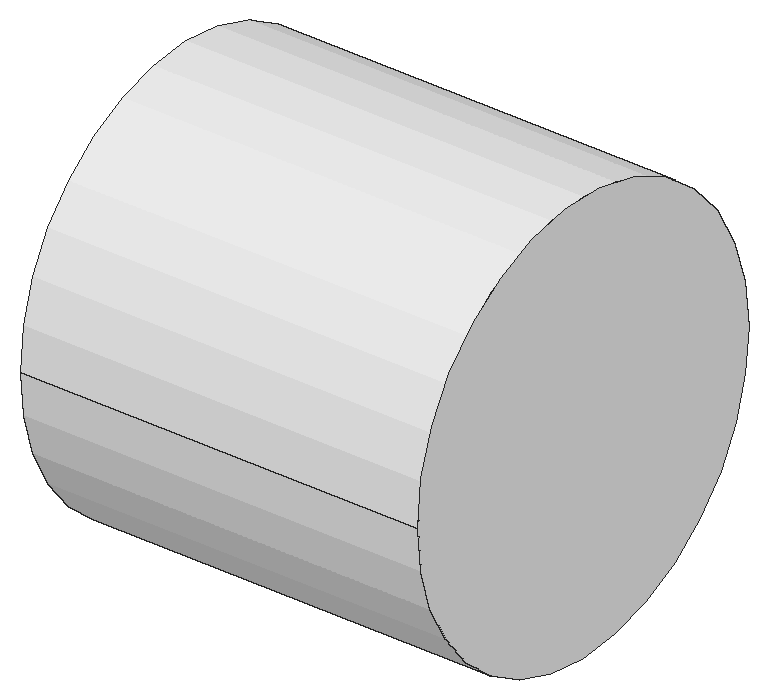
Revit family "Deca_Torneira de parede para cozinha_Izy_1168.37", category Plumbing Fixtures, host Face, Revit 2019
Family settings
  Host = Face
  Round Connector Dimension = Use Radius
  Part Type = Normal
  Cut with Voids When Loaded = No
  Shared = No
  Room Calculation Point = No
Parameters (values of type "1168.C37_Cromado")
  WFU = 0
  Vazão na Pressão mín. (L/min) = "4 l/min"
  Vazão na Pressão máx. (L/min) = "14 l/min"
  URL = "www.deca.com.br"
  Torneira = Deca_Cromado
  Tipo de rosca de saída = "-"
  Tipo de rosca de entrada = "BSP NBR 8133"
  Tipo de mecanismo utilizado = "MVC -1/4 volta"
  Tipo de dispositivo economizador = "Não"
  Segmento = "Banheiro Médio"
  Saída de Esgoto = "-"
  Raio Água Fria = 7.5 mm  # constant formula
  Pressão mín. funcionamento = "2 MCA"
  Pressão mín. Aquec. Passagem = "-"
  Pressão mín. Aquec. Acúmulo = "-"
  Pressão máx. funcionamento = "40 MCA"
  Peso Líquido (Kg) = 0.818
  Norma = "NBR10281"
  Model = "1168.C37"
  Manufacturer = "Deca"
  Linha = "Izy"
  Itens de Instalação = "-"
  Informações Complementares = "-"
  HWFU = 0
  Diâmetro Água Fria = Raio Água Fria * 2  # 15 mm
  Description = "Torneira de parede para cozinha"
  Default Elevation = 1100 mm
  Código Pai = "1168.37"
  Criado por = "quattroD"
  Cores Componente = "-"
  Cor Secundária = "-"
  Cor Principal = "Cromado"
  Cor Interna = "-"
  Consumo = "-"
  Composição Componente = "-"
  Composição Básica = "Liga de Cobre (bronze e latão),Plásticos de Engenharia,Elastômeros"
  Composição Assento = "-"
  Composição Anel Vedação = "-"
  Categoria = "METAIS PARA COZINHA"
  CWFU = 0
  Atendimento ao Cliente = "0800-0117073"
  Assembly Code = ""
  Aprovado por = "quattroD"
  Acompanha o Produto = "-"
Reference planes
  plane 1 "Center (Front/Back)": y = -220.664
  plane 2: z = 0
  plane 3 "Center (Left/Right)": x = -0.012
  plane 4 "Front 1": z = 226.955
  plane 5 "Top 2": y = -20.664
  plane 6 "Top 4": y = 213.979
  plane 7 "Top 3": y = 7.649
  plane 8 "Top 1": y = -48.976
  plane 9 "Right 1": x = 56.023
  plane 10 "Left 1": x = -14.671
Forms (mm)
  Extrusion 1, solid, material "Deca_Cromado"
    sketch origin (249.827, 10.253, 0) x (0, -1, 0) y (0, 0, 1)
      loop
        circle (32.8, 50.823) r 16.823
    from 217.652 to 250
Lines and regions (mm)
  Masking region 1
    outline origin (0, 0, 0) x (1, 0, 0) y (0, 1, 0)
      loop
        arc (-17, -1.575) -> (-19.092, -41.643) -> (20.976, -39.551) r 27
        line (20.976, -39.551) -> (32.8, -39.551) -> (32.8, -35.401) -> (39.7, -35.401) -> (39.7, -28.751) -> (47.5, -28.751) -> (47.5, -32.051)
        arc (47.5, -32.051) -> (48.086, -33.465) -> (49.5, -34.051) r 2
        arc (49.5, -34.051) -> (49.854, -34.197) -> (50, -34.551) r 0.5
        line (50, -34.551) -> (50, -55.551) -> (61, -55.551) -> (61, -34.551)
        arc (61, -34.551) -> (61.146, -34.197) -> (61.5, -34.051) r 0.5
        line (61.5, -34.051) -> (62.5, -34.051)
        arc (62.5, -34.051) -> (63.207, -33.758) -> (63.5, -33.051) r 1
        line (63.5, -33.051) -> (63.5, -31.051) -> (64.5, -31.051)
        arc (64.5, -31.051) -> (65.05, -22.551) -> (64.5, -14.051) r 66
        line (64.5, -14.051) -> (63.5, -14.051) -> (63.5, -12.051)
        arc (63.5, -12.051) -> (63.207, -11.344) -> (62.5, -11.051) r 1
        line (62.5, -11.051) -> (61.5, -11.051)
        arc (61.5, -11.051) -> (61.146, -10.905) -> (61, -10.551) r 0.5
        line (61, -10.551) -> (61, 10.449) -> (50, 10.449) -> (50, -10.551)
        arc (50, -10.551) -> (49.854, -10.905) -> (49.5, -11.051) r 0.5
        arc (49.5, -11.051) -> (48.086, -11.637) -> (47.5, -13.051) r 2
        line (47.5, -13.051) -> (47.5, -16.351) -> (39.7, -16.351) -> (39.7, -9.701) -> (32.8, -9.701) -> (32.8, -5.551) -> (27, -5.551)
        arc (27, -5.551) -> (19.929, -2.622) -> (17, 4.449) r 10
        line (17, 4.449) -> (17, 11.249) -> (13.075, 11.249) -> (13.075, 12.549) -> (17, 12.549) -> (17, 26.549) -> (8.731, 26.549) -> (8.731, 127.849) -> (10.6, 127.849)
        arc (10.6, 127.849) -> (11.307, 128.141) -> (11.6, 128.849) r 1
        line (11.6, 128.849) -> (11.6, 147.349) -> (8.731, 149.59) -> (8.731, 155.505) -> (10.6, 155.505)
        arc (10.6, 155.505) -> (11.307, 155.798) -> (11.6, 156.505) r 1
        line (11.6, 156.505) -> (11.6, 175.371)
        arc (11.6, 175.371) -> (11.008, 176.093) -> (10.287, 176.684) r 4.757
        arc (10.287, 176.684) -> (9.145, 177.945) -> (8.731, 179.595) r 3.5
        line (8.731, 179.595) -> (8.731, 214.326)
        arc (8.731, 214.326) -> (-0.009, 223.04) -> (-8.731, 214.309) r 8.731
        line (-8.731, 214.309) -> (-8.731, 179.595)
        arc (-8.731, 179.595) -> (-9.145, 177.944) -> (-10.288, 176.684) r 3.5
        arc (-10.288, 176.684) -> (-11.009, 176.093) -> (-11.6, 175.372) r 4.742
        line (-11.6, 175.372) -> (-11.6, 156.505)
        arc (-11.6, 156.505) -> (-11.307, 155.798) -> (-10.6, 155.505) r 1
        line (-10.6, 155.505) -> (-8.731, 155.505) -> (-8.731, 149.59) -> (-11.6, 147.349) -> (-11.6, 128.849)
        arc (-11.6, 128.849) -> (-11.307, 128.141) -> (-10.6, 127.849) r 1
        line (-10.6, 127.849) -> (-8.731, 127.849) -> (-8.731, 26.549) -> (-17, 26.549) -> (-17, 12.549) -> (-13.075, 12.549) -> (-13.075, 11.236) -> (-17, 11.236) -> (-17, -1.575)
  Masking region 2
    outline origin (0, -220.664, 0) x (1, 0, 0) y (0, 0, 1)
      loop
        arc (61, 39) -> (61.146, 39.354) -> (61.5, 39.5) r 0.5
        line (61.5, 39.5) -> (62.5, 39.5)
        arc (62.5, 39.5) -> (63.207, 39.793) -> (63.5, 40.5) r 1
        line (63.5, 40.5) -> (63.5, 42.5) -> (64.5, 42.5)
        arc (64.5, 42.5) -> (65.05, 51) -> (64.5, 59.5) r 66
        line (64.5, 59.5) -> (63.5, 59.5) -> (63.5, 61.5)
        arc (63.5, 61.5) -> (63.207, 62.207) -> (62.5, 62.5) r 1
        line (62.5, 62.5) -> (61.5, 62.5)
        arc (61.5, 62.5) -> (61.146, 62.646) -> (61, 63) r 0.5
        line (61, 63) -> (61, 84) -> (50, 84) -> (50, 63)
        arc (50, 63) -> (49.854, 62.646) -> (49.5, 62.5) r 0.5
        arc (49.5, 62.5) -> (48.086, 61.914) -> (47.5, 60.5) r 2
        line (47.5, 60.5) -> (47.5, 57.2) -> (39.7, 57.2) -> (39.7, 63.85) -> (32.8, 63.85) -> (32.8, 68) -> (8.731, 68) -> (8.731, 213.363)
        arc (8.731, 213.363) -> (0, 232.6) -> (-8.731, 213.363) r 11.6
        line (-8.731, 213.363) -> (-8.731, 65.586)
        arc (-8.731, 65.586) -> (-14.789, 59.384) -> (-17, 51) r 17
        line (-17, 51) -> (-17, 10) -> (-27, 10) -> (-27, 0) -> (27, 0) -> (27, 10) -> (17, 10) -> (17, 24)
        arc (17, 24) -> (19.22, 30.283) -> (24.895, 33.776) r 10
        arc (24.895, 33.776) -> (25.941, 33.944) -> (27, 34) r 10
        line (27, 34) -> (32.8, 34) -> (32.8, 38.15) -> (39.7, 38.15) -> (39.7, 44.8) -> (47.5, 44.8) -> (47.5, 41.5)
        arc (47.5, 41.5) -> (48.086, 40.086) -> (49.5, 39.5) r 2
        arc (49.5, 39.5) -> (49.854, 39.354) -> (50, 39) r 0.5
        line (50, 39) -> (50, 18) -> (61, 18) -> (61, 39)
  Masking region 3
    outline origin (-0.012, 0, 0) x (0, 1, 0) y (0, 0, 1)
      loop
        line (-49.551, 9.7) -> (-49.551, 0) -> (4.449, 0) -> (4.449, 10) -> (-5.551, 10) -> (-5.551, 24)
        arc (-5.551, 24) -> (-2.622, 31.071) -> (4.449, 34) r 10
        line (4.449, 34) -> (11.249, 34) -> (11.249, 37.925) -> (12.549, 37.925) -> (12.549, 34) -> (26.249, 34) -> (26.249, 42.269) -> (58.748, 42.269)
        arc (58.748, 42.269) -> (103.764, 51.844) -> (140.999, 78.893) r 110.731
        line (140.999, 78.893) -> (211.954, 157.731)
        arc (211.954, 157.731) -> (219.313, 204.138) -> (179.909, 229.731) r 43.131
        arc (179.909, 229.731) -> (178.118, 230.141) -> (176.684, 231.288) r 4.118
        arc (176.684, 231.288) -> (176.108, 231.9) -> (175.642, 232.6) r 5.018
        line (175.642, 232.6) -> (156.505, 232.6)
        arc (156.505, 232.6) -> (155.798, 232.307) -> (155.505, 231.6) r 1
        line (155.505, 231.6) -> (155.505, 227.129)
        arc (155.505, 227.129) -> (154.752, 226.411) -> (154.099, 225.6) r 7.98
        line (154.099, 225.6) -> (152.813, 225.6) -> (148.399, 231.25) -> (147.349, 231.803) -> (147.349, 232.6) -> (128.849, 232.6)
        arc (128.849, 232.6) -> (128.141, 232.307) -> (127.849, 231.6) r 1
        line (127.849, 231.6) -> (127.849, 210.4)
        arc (127.849, 210.4) -> (128.141, 209.693) -> (128.849, 209.4) r 1
        line (128.849, 209.4) -> (147.349, 209.4) -> (147.349, 210.28) -> (148.399, 210.75) -> (152.813, 216.4) -> (154.099, 216.4)
        arc (154.099, 216.4) -> (154.752, 215.589) -> (155.505, 214.871) r 7.98
        line (155.505, 214.871) -> (155.505, 210.4)
        arc (155.505, 210.4) -> (155.798, 209.693) -> (156.505, 209.4) r 1
        line (156.505, 209.4) -> (175.642, 209.4)
        arc (175.642, 209.4) -> (176.06, 210.137) -> (176.684, 210.712) r 2.749
        arc (176.684, 210.712) -> (178.118, 211.859) -> (179.909, 212.269) r 4.118
        arc (179.909, 212.269) -> (203.357, 197.043) -> (198.988, 169.428) r 25.669
        line (198.988, 169.428) -> (128.041, 90.598)
        arc (128.041, 90.598) -> (96.662, 67.797) -> (58.722, 59.731) r 93.269
        line (58.722, 59.731) -> (26.249, 59.731) -> (26.249, 68) -> (12.549, 68) -> (12.549, 64.075) -> (11.249, 64.075) -> (11.249, 68) -> (-16.978, 68) -> (-16.978, 83.942) -> (-28.051, 83.942) -> (-28.051, 67.086)
        arc (-28.051, 67.086) -> (-34.572, 63.021) -> (-38.637, 56.5) r 17
        line (-38.637, 56.5) -> (-55.63, 56.5) -> (-55.63, 45.5) -> (-39.551, 45.5) -> (-39.551, 9.7) -> (-49.551, 9.7)
  symbolic lines
    curve 1: line (-8.731, 214.309, 0) -> (-8.731, 179.595, 0)
    curve 2: line (8.731, 179.595, 0) -> (8.731, 214.326, 0)
    curve 3: arc (8.731, 214.326, 0) -> (-0.009, 223.04, 0) -> (-8.731, 214.309, 0) r 8.731
    curve 4: arc (-10.288, 176.684, 0) -> (-9.145, 177.944, 0) -> (-8.731, 179.595, 0) r 3.5
    curve 5: arc (-10.288, 176.684, 0) -> (-10.719, 176.259, 0) -> (-10.961, 175.705, 0) r 1.6
    curve 6: line (8.731, 179.909, 0) -> (-8.731, 179.909, 0)
    curve 7: line (-8.731, 179.595, 0) -> (8.731, 179.595, 0)
    curve 8: arc (8.731, 179.595, 0) -> (9.145, 177.945, 0) -> (10.287, 176.684, 0) r 3.5
    curve 9: arc (10.961, 175.705, 0) -> (10.718, 176.26, 0) -> (10.287, 176.684, 0) r 1.6
    curve 10: line (-11.6, 175.705, 0) -> (-11.6, 156.505, 0)
    curve 11: line (11.6, 156.505, 0) -> (11.6, 175.705, 0)
    curve 12: line (11.6, 175.51, 0) -> (-11.6, 175.51, 0)
    curve 13: line (10.288, 176.684, 0) -> (-10.288, 176.684, 0)
    curve 14: line (-11.6, 156.505, 0) -> (11.6, 156.505, 0)
    curve 15: line (-10.6, 155.505, 0) -> (10.6, 155.505, 0)
    curve 16: arc (-11.6, 156.505, 0) -> (-11.307, 155.798, 0) -> (-10.6, 155.505, 0) r 1
    curve 17: arc (10.6, 155.505, 0) -> (11.307, 155.798, 0) -> (11.6, 156.505, 0) r 1
    curve 18: arc (-6.129, 155.505, 0) -> (-5.411, 154.752, 0) -> (-4.6, 154.099, 0) r 7.98
    curve 19: arc (4.6, 154.099, 0) -> (5.411, 154.752, 0) -> (6.129, 155.505, 0) r 7.98
    curve 20: line (4.6, 154.099, 0) -> (-4.6, 154.099, 0)
    curve 21: line (-4.6, 154.099, 0) -> (-4.6, 152.813, 0)
    curve 22: line (-4.6, 154.099, 0) -> (-4.6, 152.813, 0)
    curve 23: line (4.6, 152.813, 0) -> (4.6, 154.099, 0)
    curve 24: line (4.6, 152.813, 0) -> (-4.6, 152.813, 0)
    curve 25: line (-8.731, 149.585, 0) -> (-8.731, 155.505, 0)
    curve 26: line (8.731, 149.585, 0) -> (8.731, 155.505, 0)
    curve 27: line (8.731, 149.585, 0) -> (8.731, 155.505, 0)
    curve 28: line (-4.6, 152.813, 0) -> (-10.25, 148.399, 0)
    curve 29: line (10.25, 148.399, 0) -> (4.6, 152.813, 0)
    curve 30: line (10.25, 148.399, 0) -> (4.6, 152.813, 0)
    curve 31: line (-11.6, 128.849, 0) -> (-11.6, 147.349, 0)
    curve 32: line (11.6, 147.15, 0) -> (-11.6, 147.15, 0)
    curve 33: line (10.25, 148.399, 0) -> (-10.25, 148.399, 0)
    curve 34: line (-10.25, 148.099, 0) -> (-11, 147.349, 0)
    curve 35: line (11, 147.349, 0) -> (10.25, 148.099, 0)
    curve 36: line (11.6, 147.349, 0) -> (11.6, 128.849, 0)
    curve 37: line (11.6, 128.849, 0) -> (-11.6, 128.849, 0)
    curve 38: line (-10.6, 127.849, 0) -> (10.6, 127.849, 0)
    curve 39: arc (-11.6, 128.849, 0) -> (-11.307, 128.141, 0) -> (-10.6, 127.849, 0) r 1
    curve 40: arc (10.6, 127.849, 0) -> (11.307, 128.141, 0) -> (11.6, 128.849, 0) r 1
    curve 41: line (8.731, 26.549, 0) -> (8.731, 127.849, 0)
    curve 42: line (-8.731, 26.549, 0) -> (-8.731, 127.849, 0)
    curve 43: line (16.7, 26.549, 0) -> (-16.7, 26.549, 0)
    curve 44: line (17, 26.249, 0) -> (-17, 26.249, 0)
    curve 45: line (-17, 26.249, 0) -> (-17, 12.549, 0)
    curve 46: line (17, 12.549, 0) -> (17, 26.249, 0)
    curve 47: line (-17, 12.549, 0) -> (17, 12.549, 0)
    curve 48: line (-13.075, 11.249, 0) -> (-13.075, 12.549, 0)
    curve 49: line (13.075, 11.249, 0) -> (13.075, 12.549, 0)
    curve 50: line (17, 11.249, 0) -> (-17, 11.249, 0)
    curve 51: line (-17, 11.249, 0) -> (-17, -22.551, 0)
    curve 52: line (17, 4.449, 0) -> (17, 11.249, 0)
    curve 53: arc (-17, -1.575, 0) -> (-19.092, -41.643, 0) -> (20.976, -39.551, 0) r 27
    curve 54: arc (-17, -1.962, 0) -> (-18.88, -41.431, 0) -> (20.589, -39.551, 0) r 26.7
    curve 55: arc (-17, -22.551, 0) -> (-12.021, -34.572, 0) -> (0, -39.551, 0) r 17
    curve 56: line (-17, -22.551, 0) -> (0, -22.551, 0)
    curve 57: line (0, -22.551, 0) -> (14.919, 1.144, 0)
    curve 58: line (23.695, -7.632, 0) -> (0, -22.551, 0)
    curve 59: arc (27, -5.551, 0) -> (19.929, -2.622, 0) -> (17, 4.449, 0) r 10
    curve 60: line (14.919, 1.144, 0) -> (17, 4.449, 0)
    curve 61: line (27, -5.551, 0) -> (23.695, -7.632, 0)
    curve 62: line (32.8, -5.551, 0) -> (27, -5.551, 0)
    curve 63: line (32.8, -39.551, 0) -> (32.8, -5.551, 0)
    curve 64: line (0, -39.551, 0) -> (32.8, -39.551, 0)
    curve 65: line (39.7, -35.401, 0) -> (32.8, -35.401, 0)
    curve 66: line (39.7, -35.401, 0) -> (39.7, -9.701, 0)
    curve 67: line (32.8, -9.701, 0) -> (39.7, -9.701, 0)
    curve 68: line (47.5, -16.351, 0) -> (39.7, -16.351, 0)
    curve 69: line (47.5, -28.751, 0) -> (39.7, -28.751, 0)
    curve 70: arc (47.5, -32.051, 0) -> (48.086, -33.465, 0) -> (49.5, -34.051, 0) r 2
    curve 71: arc (49.5, -11.051, 0) -> (48.086, -11.637, 0) -> (47.5, -13.051, 0) r 2
    curve 72: line (47.5, -32.051, 0) -> (47.5, -13.051, 0)
    curve 73: line (49.5, -34.051, 0) -> (49.5, -11.051, 0)
    curve 74: line (50, 10.449, 0) -> (50, -10.551, 0)
    curve 75: line (61, -10.551, 0) -> (61, 10.449, 0)
    curve 76: line (61, 10.449, 0) -> (50, 10.449, 0)
    curve 77: line (50, -34.551, 0) -> (50, -55.551, 0)
    curve 78: line (50, -55.551, 0) -> (61, -55.551, 0)
    curve 79: line (61, -55.551, 0) -> (61, -34.551, 0)
    curve 80: line (62.5, -11.051, 0) -> (62.5, -34.051, 0)
    curve 81: arc (62.5, -34.051, 0) -> (63.207, -33.758, 0) -> (63.5, -33.051, 0) r 1
    curve 82: line (62.5, -34.051, 0) -> (61.5, -34.051, 0)
    curve 83: arc (61.5, -34.051, 0) -> (61.146, -34.197, 0) -> (61, -34.551, 0) r 0.5
    curve 84: arc (50, -34.551, 0) -> (49.854, -34.197, 0) -> (49.5, -34.051, 0) r 0.5
    curve 85: circle (55.5, -22.551, 0) r 5.5 normal (0, 0, 1)
    curve 86: line (64.5, -31.051, 0) -> (64.5, -14.051, 0)
    curve 87: arc (64.5, -31.051, 0) -> (65.05, -22.551, 0) -> (64.5, -14.051, 0) r 66
    curve 88: line (63.5, -31.051, 0) -> (64.5, -31.051, 0)
    curve 89: line (64.5, -14.051, 0) -> (63.5, -14.051, 0)
    curve 90: arc (63.5, -12.051, 0) -> (63.207, -11.344, 0) -> (62.5, -11.051, 0) r 1
    curve 91: line (61.5, -11.051, 0) -> (62.5, -11.051, 0)
    curve 92: arc (61, -10.551, 0) -> (61.146, -10.905, 0) -> (61.5, -11.051, 0) r 0.5
    curve 93: arc (49.5, -11.051, 0) -> (49.854, -10.905, 0) -> (50, -10.551, 0) r 0.5
    curve 94: line (63.5, -12.051, 0) -> (63.5, -33.051, 0)
    curve 95: arc (49.5, -11.051, 0) -> (55.5, -12.476, 0) -> (61.5, -11.051, 0) r 13.347
    curve 96: arc (50, -10.551, 0) -> (55.5, -12.159, 0) -> (61, -10.551, 0) r 10.212
    curve 97: arc (50, -34.551, 0) -> (55.5, -32.918, 0) -> (61, -34.551, 0) r 10.08
    curve 98: arc (49.5, -34.051, 0) -> (55.5, -32.51, 0) -> (61.5, -34.051, 0) r 12.453
    curve 99: line (61, -220.664, 84) -> (61, -220.664, 63)
    curve 100: line (50, -220.664, 63) -> (50, -220.664, 84)
    curve 101: line (61, -220.664, 84) -> (50, -220.664, 84)
    curve 102: line (61, -220.664, 39) -> (61, -220.664, 18)
    curve 103: line (50, -220.664, 18) -> (50, -220.664, 39)
    curve 104: line (50, -220.664, 18) -> (61, -220.664, 18)
    curve 105: arc (64.5, -220.664, 59.5) -> (65.05, -220.664, 51) -> (64.5, -220.664, 42.5) r 66
    curve 106: line (63.5, -220.664, 61.5) -> (63.5, -220.664, 40.5)
    curve 107: line (62.5, -220.664, 62.5) -> (62.5, -220.664, 39.5)
    curve 108: arc (63.5, -220.664, 40.5) -> (63.207, -220.664, 39.793) -> (62.5, -220.664, 39.5) r 1
    curve 109: line (62.5, -220.664, 39.5) -> (61.5, -220.664, 39.5)
    curve 110: arc (61, -220.664, 39) -> (61.146, -220.664, 39.354) -> (61.5, -220.664, 39.5) r 0.5
    curve 111: arc (49.5, -220.664, 39.5) -> (49.854, -220.664, 39.354) -> (50, -220.664, 39) r 0.5
    curve 112: arc (49.5, -220.664, 39.5) -> (48.086, -220.664, 40.086) -> (47.5, -220.664, 41.5) r 2
    curve 113: line (49.5, -220.664, 39.5) -> (49.5, -220.664, 62.5)
    curve 114: line (47.5, -220.664, 60.5) -> (47.5, -220.664, 41.5)
    curve 115: circle (55.5, -220.664, 51) r 5.5 normal (0, 1, 0)
    curve 116: line (63.5, -220.664, 59.5) -> (64.5, -220.664, 59.5)
    curve 117: arc (62.5, -220.664, 62.5) -> (63.207, -220.664, 62.207) -> (63.5, -220.664, 61.5) r 1
    curve 118: line (61.5, -220.664, 62.5) -> (62.5, -220.664, 62.5)
    curve 119: arc (61.5, -220.664, 62.5) -> (61.146, -220.664, 62.646) -> (61, -220.664, 63) r 0.5
    curve 120: arc (47.5, -220.664, 60.5) -> (48.086, -220.664, 61.914) -> (49.5, -220.664, 62.5) r 2
    curve 121: arc (50, -220.664, 63) -> (49.854, -220.664, 62.646) -> (49.5, -220.664, 62.5) r 0.5
    curve 122: arc (61.5, -220.664, 62.5) -> (55.5, -220.664, 60.989) -> (49.5, -220.664, 62.5) r 12.665
    curve 123: arc (50, -220.664, 63) -> (55.5, -220.664, 61.45) -> (61, -220.664, 63) r 10.532
    curve 124: arc (61, -220.664, 39) -> (55.5, -220.664, 40.605) -> (50, -220.664, 39) r 10.225
    curve 125: arc (61.146, -220.664, 39.354) -> (55.5, -220.664, 41.041) -> (49.854, -220.664, 39.354) r 10.289
    curve 126: line (47.5, -220.664, 57.2) -> (39.7, -220.664, 57.2)
    curve 127: line (47.5, -220.664, 44.8) -> (39.7, -220.664, 44.8)
    curve 128: line (39.7, -220.664, 38.15) -> (39.7, -220.664, 63.85)
    curve 129: line (32.8, -220.664, 38.15) -> (39.7, -220.664, 38.15)
    curve 130: line (39.7, -220.664, 63.85) -> (32.8, -220.664, 63.85)
    curve 131: line (32.8, -220.664, 34) -> (32.8, -220.664, 68)
    curve 132: line (32.8, -220.664, 34) -> (27, -220.664, 34)
    curve 133: arc (24.895, -220.664, 33.776) -> (25.941, -220.664, 33.944) -> (27, -220.664, 34) r 10
    curve 134: line (17, -220.664, 10) -> (17, -220.664, 24)
    curve 135: arc (24.895, -220.664, 33.776) -> (19.22, -220.664, 30.283) -> (17, -220.664, 24) r 10
    curve 136: line (8.731, -220.664, 68) -> (32.8, -220.664, 68)
    curve 137: line (27, -220.664, 9.7) -> (27, -220.664, 0)
    curve 138: line (26.7, -220.664, 10) -> (-26.7, -220.664, 10)
    curve 139: line (-27, -220.664, 9.7) -> (27, -220.664, 9.7)
    curve 140: line (-27, -220.664, 0) -> (-27, -220.664, 9.7)
    curve 141: line (27, -220.664, 0) -> (-27, -220.664, 0)
    curve 142: line (-17, -220.664, 10) -> (-17, -220.664, 51)
    curve 143: line (-8.731, -220.664, 221) -> (-8.731, -220.664, 51)
    curve 144: line (8.731, -220.664, 220.982) -> (8.731, -220.664, 50.982)
    curve 145: arc (8.731, -220.664, 65.586) -> (0, -220.664, 34) -> (-8.731, -220.664, 65.586) r 17
    curve 146: line (17, -220.664, 51) -> (25.124, -220.664, 51)
    curve 147: line (25.124, -220.664, 51) -> (25.124, -220.664, 34.237)
    curve 148: line (17.183, -220.664, 25.902) -> (0, -220.664, 25.902)
    curve 149: line (0, -220.664, 34) -> (0, -220.664, 25.902)
    curve 150: arc (8.731, -220.664, 54.202) -> (0, -220.664, 41.7) -> (-8.731, -220.664, 54.202) r 9.3
    curve 151: arc (8.731, -220.664, 50.982) -> (-0.009, -220.664, 42.269) -> (-8.731, -220.664, 51) r 8.731
    curve 152: spline (6.423, -220.664, 26.001) -> (5.242, -220.664, 25.316) -> (4.033, -220.664, 24.771) -> (2.802, -220.664, 24.369) -> (1.555, -220.664, 24.113) -> (0.3, -220.664, 24.004) -> (-0.956, -220.664, 24.043) -> (-2.208, -220.664, 24.229) -> (-3.447, -220.664, 24.561) -> (-4.668, -220.664, 25.038) -> (-5.863, -220.664, 25.656) -> (-7.026, -220.664, 26.414) -> (-8.15, -220.664, 27.305)
    curve 153: spline (-14.919, -220.664, 38.056) -> (-15.245, -220.664, 39.054) -> (-15.546, -220.664, 40.073) -> (-15.819, -220.664, 41.111) -> (-16.064, -220.664, 42.166) -> (-16.282, -220.664, 43.236) -> (-16.472, -220.664, 44.32) -> (-16.632, -220.664, 45.416) -> (-16.764, -220.664, 46.521) -> (-16.867, -220.664, 47.634) -> (-16.941, -220.664, 48.753) -> (-16.985, -220.664, 49.875) -> (-17, -220.664, 51)
    curve 154: arc (-14.919, -220.664, 38.056) -> (-12.262, -220.664, 32.222) -> (-8.15, -220.664, 27.305) r 23.883
    curve 155: spline (23.695, -220.664, 59.15) -> (24.586, -220.664, 58.026) -> (25.343, -220.664, 56.863) -> (25.962, -220.664, 55.668) -> (26.439, -220.664, 54.448) -> (26.771, -220.664, 53.209) -> (26.957, -220.664, 51.957) -> (26.996, -220.664, 50.701) -> (26.887, -220.664, 49.446) -> (26.631, -220.664, 48.2) -> (26.23, -220.664, 46.968) -> (25.685, -220.664, 45.759) -> (25, -220.664, 44.579)
    curve 156: arc (23.695, -220.664, 59.15) -> (16.84, -220.664, 64.3) -> (8.731, -220.664, 67.087) r 27.472
    curve 157: arc (-8.731, -220.664, 213.363) -> (0, -220.664, 232.6) -> (8.731, -220.664, 213.363) r 11.6
    curve 158: arc (-8.731, -220.664, 215.558) -> (0, -220.664, 231.288) -> (8.731, -220.664, 215.558) r 10.288
    curve 159: arc (-8.731, -220.664, 221) -> (-0.009, -220.664, 229.731) -> (8.731, -220.664, 221.018) r 8.731
    curve 160: arc (-8.731, -220.664, 213.985) -> (0, -220.664, 232.2) -> (8.731, -220.664, 213.985) r 11.2
    curve 161: line (-0.012, -39.551, 10) -> (-0.012, -39.551, 45.5)
    curve 162: line (-0.012, -5.551, 10) -> (-0.012, -5.551, 24)
    curve 163: line (-0.012, 4.449, 10) -> (-0.012, -49.251, 10)
    curve 164: line (-0.012, 4.449, 9.7) -> (-0.012, -49.551, 9.7)
    curve 165: line (-0.012, -49.551, 9.7) -> (-0.012, -49.551, 0)
    curve 166: line (-0.012, 4.449, 0) -> (-0.012, 4.449, 10)
    curve 167: line (-0.012, -49.551, 0) -> (-0.012, 4.449, 0)
    curve 168: line (-0.012, -28.051, 18) -> (-0.012, -17.051, 18)
    curve 169: line (-0.012, -17.051, 18) -> (-0.012, -17.051, 40.608)
    curve 170: line (-0.012, -28.051, 40.608) -> (-0.012, -28.051, 18)
    curve 171: line (-0.012, -32.943, 56.5) -> (-0.012, -55.551, 56.5)
    curve 172: line (-0.012, -55.551, 45.5) -> (-0.012, -32.943, 45.5)
    curve 173: line (-0.012, -55.551, 56.5) -> (-0.012, -55.551, 45.5)
    curve 174: line (-0.012, -28.051, 61.392) -> (-0.012, -28.051, 84)
    curve 175: line (-0.012, -17.051, 84) -> (-0.012, -17.051, 61.392)
    curve 176: line (-0.012, -17.051, 84) -> (-0.012, -28.051, 84)
    curve 177: line (-0.012, 10.449, 56.5) -> (-0.012, -12.159, 56.5)
    curve 178: line (-0.012, -12.159, 45.5) -> (-0.012, 10.449, 45.5)
    curve 179: line (-0.012, 10.449, 45.5) -> (-0.012, 10.449, 56.5)
    curve 180: arc (-0.012, -28.051, 62.669) -> (-0.012, -31.673, 60.122) -> (-0.012, -34.22, 56.5) r 12.9
    curve 181: circle (-0.012, -22.551, 51) r 11.5 normal (1, 0, 0)
    curve 182: spline (-0.012, -32.943, 56.5) -> (-0.012, -33.427, 55.649) -> (-0.012, -33.827, 54.762) -> (-0.012, -34.142, 53.847) -> (-0.012, -34.369, 52.91) -> (-0.012, -34.505, 51.959) -> (-0.012, -34.551, 51) -> (-0.012, -34.505, 50.041) -> (-0.012, -34.369, 49.09) -> (-0.012, -34.142, 48.153) -> (-0.012, -33.827, 47.238) -> (-0.012, -33.427, 46.351) -> (-0.012, -32.943, 45.5)
    curve 183: circle (-0.012, -22.551, 51) r 10.5 normal (1, 0, 0)
    curve 184: circle (-0.012, -22.551, 51) r 8.5 normal (1, 0, 0)
    curve 185: spline (-0.012, -17.051, 61.392) -> (-0.012, -17.902, 61.876) -> (-0.012, -18.789, 62.276) -> (-0.012, -19.704, 62.591) -> (-0.012, -20.641, 62.818) -> (-0.012, -21.592, 62.954) -> (-0.012, -22.551, 63) -> (-0.012, -23.51, 62.954) -> (-0.012, -24.461, 62.818) -> (-0.012, -25.398, 62.591) -> (-0.012, -26.313, 62.276) -> (-0.012, -27.2, 61.876) -> (-0.012, -28.051, 61.392)
    curve 186: arc (-0.012, -10.882, 56.5) -> (-0.012, -13.429, 60.122) -> (-0.012, -17.051, 62.669) r 12.9
    curve 187: arc (-0.012, -17.051, 39.331) -> (-0.012, -13.429, 41.878) -> (-0.012, -10.882, 45.5) r 12.9
    curve 188: arc (-0.012, -34.22, 45.5) -> (-0.012, -31.673, 41.878) -> (-0.012, -28.051, 39.331) r 12.9
    curve 189: spline (-0.012, -12.159, 45.5) -> (-0.012, -11.675, 46.351) -> (-0.012, -11.275, 47.238) -> (-0.012, -10.96, 48.153) -> (-0.012, -10.733, 49.09) -> (-0.012, -10.597, 50.041) -> (-0.012, -10.551, 51) -> (-0.012, -10.597, 51.959) -> (-0.012, -10.733, 52.91) -> (-0.012, -10.96, 53.847) -> (-0.012, -11.275, 54.762) -> (-0.012, -11.675, 55.649) -> (-0.012, -12.159, 56.5)
    curve 190: spline (-0.012, -28.051, 40.608) -> (-0.012, -27.2, 40.124) -> (-0.012, -26.313, 39.724) -> (-0.012, -25.398, 39.409) -> (-0.012, -24.461, 39.182) -> (-0.012, -23.51, 39.046) -> (-0.012, -22.551, 39) -> (-0.012, -21.592, 39.046) -> (-0.012, -20.641, 39.182) -> (-0.012, -19.704, 39.409) -> (-0.012, -18.789, 39.724) -> (-0.012, -17.902, 40.124) -> (-0.012, -17.051, 40.608)
    curve 191: arc (-0.012, -38.637, 45.5) -> (-0.012, -34.572, 38.979) -> (-0.012, -28.051, 34.914) r 17
    curve 192: arc (-0.012, -28.051, 67.086) -> (-0.012, -34.572, 63.021) -> (-0.012, -38.637, 56.5) r 17
    curve 193: arc (-0.012, -17.051, 34.914) -> (-0.012, -10.53, 38.979) -> (-0.012, -6.465, 45.5) r 17
    curve 194: spline (-0.012, -37.47, 38.055) -> (-0.012, -36.938, 36.617) -> (-0.012, -36.352, 35.234) -> (-0.012, -35.713, 33.911) -> (-0.012, -35.023, 32.653) -> (-0.012, -34.286, 31.465) -> (-0.012, -33.504, 30.352) -> (-0.012, -32.681, 29.317) -> (-0.012, -31.819, 28.365) -> (-0.012, -30.921, 27.499) -> (-0.012, -29.992, 26.723) -> (-0.012, -29.034, 26.04) -> (-0.012, -28.051, 25.452)
    curve 195: arc (-0.012, 4.449, 34) -> (-0.012, -2.622, 31.071) -> (-0.012, -5.551, 24) r 10
    curve 196: line (-0.012, 4.449, 34) -> (-0.012, 11.249, 34)
    curve 197: line (-0.012, 2.425, 35.273) -> (-0.012, 4.449, 34)
    curve 198: arc (-0.012, -17.051, 25.452) -> (-0.012, -16.567, 25.728) -> (-0.012, -16.094, 26.024) r 13.851
    curve 199: line (-0.012, -17.051, 26.024) -> (-0.012, -5.344, 26.024)
    curve 200: line (-0.012, -5.551, 24) -> (-0.012, -6.811, 26.001)
    curve 201: line (-0.012, 11.249, 34) -> (-0.012, 11.249, 68)
    curve 202: line (-0.012, 2.425, 45.5) -> (-0.012, 2.425, 33.793)
    curve 203: spline (-0.012, 1.144, 59.15) -> (-0.012, 0.149, 60.204) -> (-0.012, -0.964, 61.211) -> (-0.012, -2.189, 62.164) -> (-0.012, -3.52, 63.059) -> (-0.012, -4.95, 63.891) -> (-0.012, -6.471, 64.656) -> (-0.012, -8.076, 65.351) -> (-0.012, -9.757, 65.97) -> (-0.012, -11.504, 66.512) -> (-0.012, -13.308, 66.973) -> (-0.012, -15.161, 67.351) -> (-0.012, -17.052, 67.644)
    curve 204: arc (-0.012, -6.465, 56.5) -> (-0.012, -10.53, 63.021) -> (-0.012, -17.051, 67.086) r 17
    curve 205: arc (-0.012, -37.47, 38.055) -> (-0.012, -38.545, 41.728) -> (-0.012, -39.194, 45.5) r 33.497
    curve 206: arc (-0.012, 1.144, 59.15) -> (-0.012, 2.143, 57.875) -> (-0.012, 2.998, 56.5) r 14.979
    curve 207: line (-0.012, 11.249, 68) -> (-0.012, -17.051, 68)
    curve 208: line (-0.012, 12.549, 68) -> (-0.012, 26.249, 68)
    curve 209: line (-0.012, 12.549, 68) -> (-0.012, 12.549, 34)
    curve 210: line (-0.012, 11.249, 64.075) -> (-0.012, 12.549, 64.075)
    curve 211: line (-0.012, 11.249, 37.925) -> (-0.012, 12.549, 37.925)
    curve 212: line (-0.012, 26.249, 34) -> (-0.012, 12.549, 34)
    curve 213: line (-0.012, 26.249, 68) -> (-0.012, 26.249, 34)
    curve 214: line (-0.012, 26.549, 34.3) -> (-0.012, 26.549, 67.7)
    curve 215: line (-0.012, 26.549, 42.269) -> (-0.012, 58.722, 42.269)
    curve 216: line (-0.012, 42.636, 42.269) -> (-0.012, 42.636, 59.731)
    curve 217: line (-0.012, 58.722, 59.731) -> (-0.012, 26.549, 59.731)
    curve 218: line (-0.012, 58.722, 42.269) -> (-0.012, 58.722, 59.731)
    curve 219: arc (-0.012, 58.722, 42.269) -> (-0.012, 103.752, 51.838) -> (-0.012, 140.999, 78.893) r 110.731
    curve 220: arc (-0.012, 58.722, 59.731) -> (-0.012, 96.662, 67.797) -> (-0.012, 128.041, 90.598) r 93.269
    curve 221: line (-0.012, 128.041, 90.598) -> (-0.012, 198.988, 169.428)
    curve 222: line (-0.012, 140.999, 78.893) -> (-0.012, 211.954, 157.731)
    curve 223: arc (-0.012, 211.954, 157.731) -> (-0.012, 219.313, 204.138) -> (-0.012, 179.909, 229.731) r 43.131
    curve 224: arc (-0.012, 198.988, 169.428) -> (-0.012, 203.357, 197.043) -> (-0.012, 179.909, 212.269) r 25.669
    curve 225: line (-0.012, 175.705, 232.6) -> (-0.012, 156.505, 232.6)
    curve 226: line (-0.012, 156.505, 209.4) -> (-0.012, 175.705, 209.4)
    curve 227: line (-0.012, 179.909, 212.269) -> (-0.012, 179.909, 229.731)
    curve 228: line (-0.012, 179.595, 229.731) -> (-0.012, 179.595, 212.269)
    curve 229: arc (-0.012, 179.595, 212.269) -> (-0.012, 177.944, 211.855) -> (-0.012, 176.684, 210.712) r 3.5
    curve 230: arc (-0.012, 175.705, 210.039) -> (-0.012, 176.259, 210.281) -> (-0.012, 176.684, 210.712) r 1.6
    curve 231: line (-0.012, 176.684, 210.712) -> (-0.012, 176.684, 231.288)
    curve 232: line (-0.012, 175.705, 209.4) -> (-0.012, 175.705, 232.6)
    curve 233: line (-0.012, 127.849, 231.6) -> (-0.012, 127.849, 210.4)
    curve 234: arc (-0.012, 127.849, 210.4) -> (-0.012, 128.141, 209.693) -> (-0.012, 128.849, 209.4) r 1
    curve 235: line (-0.012, 128.849, 209.4) -> (-0.012, 128.849, 232.6)
    curve 236: line (-0.012, 147.349, 209.4) -> (-0.012, 128.849, 209.4)
    curve 237: arc (-0.012, 128.849, 232.6) -> (-0.012, 128.141, 232.307) -> (-0.012, 127.849, 231.6) r 1
    curve 238: line (-0.012, 128.849, 232.6) -> (-0.012, 147.349, 232.6)
    curve 239: line (-0.012, 147.349, 232.6) -> (-0.012, 147.349, 209.4)
    curve 240: line (-0.012, 148.399, 210.75) -> (-0.012, 148.399, 231.25)
    curve 241: line (-0.012, 148.099, 210.75) -> (-0.012, 148.099, 231.25)
    curve 242: line (-0.012, 148.099, 231.25) -> (-0.012, 147.349, 232)
    curve 243: line (-0.012, 152.813, 225.6) -> (-0.012, 148.399, 231.25)
    curve 244: arc (-0.012, 156.505, 232.6) -> (-0.012, 155.798, 232.307) -> (-0.012, 155.505, 231.6) r 1
    curve 245: arc (-0.012, 155.505, 227.129) -> (-0.012, 154.752, 226.411) -> (-0.012, 154.099, 225.6) r 7.98
    curve 246: line (-0.012, 152.813, 225.6) -> (-0.012, 154.099, 225.6)
    curve 247: line (-0.012, 152.813, 216.4) -> (-0.012, 152.813, 225.6)
    curve 248: line (-0.012, 154.099, 225.6) -> (-0.012, 154.099, 216.4)
    curve 249: line (-0.012, 152.813, 216.4) -> (-0.012, 148.399, 210.75)
    curve 250: line (-0.012, 148.099, 210.75) -> (-0.012, 147.349, 210)
    curve 251: line (-0.012, 154.099, 216.4) -> (-0.012, 152.813, 216.4)
    curve 252: arc (-0.012, 154.099, 216.4) -> (-0.012, 154.752, 215.589) -> (-0.012, 155.505, 214.871) r 7.98
    curve 253: line (-0.012, 155.505, 231.6) -> (-0.012, 155.505, 210.4)
    curve 254: line (-0.012, 156.505, 232.6) -> (-0.012, 156.505, 209.4)
    curve 255: arc (-0.012, 155.505, 210.4) -> (-0.012, 155.798, 209.693) -> (-0.012, 156.505, 209.4) r 1
    curve 256: arc (-0.012, 176.684, 231.288) -> (-0.012, 177.944, 230.145) -> (-0.012, 179.595, 229.731) r 3.5
    curve 257: arc (-0.012, 176.684, 231.288) -> (-0.012, 176.259, 231.719) -> (-0.012, 175.705, 231.961) r 1.6
Dimensions and locks
  aligned and locked: host face to plane 2
  aligned and locked: level to host face
Connectors
  piping at (0, -20.664, 0), diameter 15, driven by "Raio Água Fria"
    settings: on free form element, index 1, connector inside diameter 24", connector length 0 mm, flow factor 0, pipe flow 0 GPM, pressure drop 0.00 psi, fitting loss kfactor 0, connector angle 0.00°, fixture units 0, engagement length 0 mm, angle of deflection 0.00°, flow configuration 3, flow direction 1, fitting loss method 4, system type 20, joint type 0, gender type 0, connector reference index -1, connector utility 0, adjustable connector no, is connector primary yes, connector description ""
